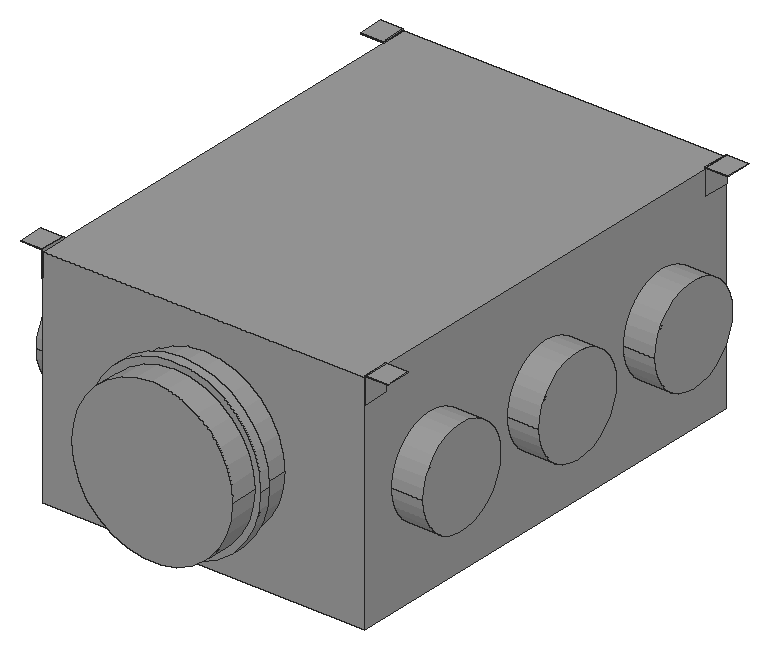
Revit family "FASU(F6-150 250Φ)", category ダクト付属品, Revit 2020
Family settings
  丸型コネクタ寸法 = 直径を使用
  パーツ タイプ = ダンパー
  OmniClass 番号 = 23.75.00.00
  OmniClass タイトル = Climate Control (HVAC)
  作業面ベース = いいえ
  常に垂直 = はい
  ロード時にボイドで切り取り = いいえ
  共有 = いいえ
Parameters
  高さ = 350 mm
  風量 = 0.0 L/s
  符号 = "FASU"
  形式 = "F6-150 250φ"
  幅 [instance] = 500 mm
  奥行き = 700 mm
  大きさ = 250 mm
  呼称 = "FASUチャンバー"
  付属品_下端レベル [instance] = 0 mm
  マテリアル [instance] = 既定値
  ダクト_イン = 300 mm
  ダクト_アウト = 150 mm
  既定の高さ = 0 mm
Reference planes
  plane 1 "中心(正面/背面)": y = 0
  plane 2: z = 0
  plane 3 "中心(左/右)": x = 0
  plane 4: x = -250
  plane 5: x = 250
  plane 6: y = -700
  plane 7: z = 350
  plane 8: z = 175
  plane 9: z = 266.963
  plane 10: z = 86.159
  plane 11: x = -251
  plane 12: z = 313.122
  plane 13: z = 352.122
  plane 14: y = -350
Forms (mm)
  Extrusion 1, solid, material "既定値" <- "マテリアル"
    sketch origin (0, 0, 0) x (1, 0, 0) y (0, 1, 0)
      loop
        line (-250, 0) -> (-250, -700) -> (250, -700) -> (250, 0) -> (-250, 0)
    from 0 to 350
  Extrusion 2, solid, material "既定値" <- "マテリアル"
    sketch origin (0, -30, 0) x (1, 0, 0) y (0, 1, 0)
      loop
        line (-250, 30) -> (-251, 30) -> (-251, -10) -> (-250, -10) -> (-250, 30)
    from 313.122 to 350
  Extrusion 3, solid, material "既定値" <- "マテリアル"
    sketch origin (0, -30, 0) x (1, 0, 0) y (0, 1, 0)
      loop
        line (-285, 30) -> (-285, -10) -> (-251, -10) -> (-251, 30) -> (-285, 30)
    from 352.122 to 350
  Extrusion 4, solid, material "既定値" <- "マテリアル"
    sketch origin (0, -30, 0) x (-1, 0, 0) y (0, -1, 0)
      loop
        line (-250, -30) -> (-250, 10) -> (-251, 10) -> (-251, -30) -> (-250, -30)
    from 313.122 to 353.122
  Extrusion 5, solid, material "既定値" <- "マテリアル"
    sketch origin (0, -30, 0) x (-1, 0, 0) y (0, -1, 0)
      loop
        line (-285, -30) -> (-251, -30) -> (-251, 10) -> (-285, 10) -> (-285, -30)
    from 352.122 to 353.122
  Extrusion 6, solid, material "既定値" <- "マテリアル"
    sketch origin (0, -490, 0) x (1, 0, 0) y (0, 1, 0)
      loop
        line (-285, -170) -> (-285, -210) -> (-251, -210) -> (-251, -170) -> (-285, -170)
    from 352.122 to 353.122
  Extrusion 7, solid, material "既定値" <- "マテリアル"
    sketch origin (0, -490, 0) x (1, 0, 0) y (0, 1, 0)
      loop
        line (-250, -170) -> (-251, -170) -> (-251, -210) -> (-250, -210) -> (-250, -170)
    from 313.122 to 353.122
  Extrusion 8, solid, material "既定値" <- "マテリアル"
    sketch origin (0, -490, 0) x (-1, 0, 0) y (0, -1, 0)
      loop
        line (-285, 170) -> (-251, 170) -> (-251, 210) -> (-285, 210) -> (-285, 170)
    from 352.122 to 353.122
  Extrusion 9, solid, material "既定値" <- "マテリアル"
    sketch origin (0, -490, 0) x (-1, 0, 0) y (0, -1, 0)
      loop
        line (-250, 170) -> (-250, 210) -> (-251, 210) -> (-251, 170) -> (-250, 170)
    from 313.122 to 353.122
  Extrusion 10, solid, material "既定値" <- "マテリアル"
    sketch origin (550, -582.5, 0) x (0, -1, 0) y (0, 0, -1)
      loop
        circle (-232.5, -175) r 74.985
    from -300 to -250
  Extrusion 11, solid, material "既定値" <- "マテリアル"
    sketch origin (-550, -582.5, 0) x (0, -1, 0) y (0, 0, 1)
      loop
        circle (-232.5, 175) r 74.985
    from -300 to -250
  Extrusion 12, solid, material "既定値" <- "マテリアル"
    sketch origin (550, -357.5, 0) x (0, -1, 0) y (0, 0, -1)
      loop
        circle (-232.5, -175) r 74.985
    from -300 to -250
  Extrusion 13, solid, material "既定値" <- "マテリアル"
    sketch origin (-550, -357.5, 0) x (0, -1, 0) y (0, 0, 1)
      loop
        circle (-232.5, 175) r 74.985
    from -300 to -250
  Extrusion 14, solid, material "既定値" <- "マテリアル"
    sketch origin (550, -142.5, 0) x (0, 1, 0) y (0, 0, 1)
      loop
        circle (-432.5, 175) r 74.985
    from -300 to -250
  Extrusion 15, solid, material "既定値" <- "マテリアル"
    sketch origin (0, -142.5, 0) x (0, 1, 0) y (0, 0, 1)
      loop
        circle (-432.5, 175) r 74.985
    from -300 to -250
  Extrusion 16, solid, material "既定値" <- "マテリアル"
    sketch origin (0, -230, 0) x (1, 0, 0) y (0, 0, 1)
      loop
        circle (0, 175) r 125
    from 470 to 512.5
  Extrusion 17, solid, material "既定値" <- "マテリアル"
    sketch origin (0, -230, 0) x (1, 0, 0) y (0, 0, 1)
      loop
        circle (0, 175) r 135
    from 512.5 to 527.5
  Extrusion 18, solid, material "既定値" <- "マテリアル"
    sketch origin (0, -317.5, 0) x (1, 0, 0) y (0, 0, 1)
      loop
        circle (0, 175) r 125
    from 440 to 482.5
Lines and regions (mm)
  model lines
    curve 1: line (-250, -30, 0) -> (250, -30, 0)
    curve 2: line (-250, -670, 0) -> (250, -670, 0)
Text (mm)
  text "FASU(F6-150 250Φ)" at (3.713, -630.412, 0), in view "参照レベル"
Dimensions and locks
  equal spacing: plane 4, plane 3 "中心(左/右)", plane 5
  "幅": plane 4 to plane 5
  "奥行き": plane 6 to plane 1 "中心(正面/背面)"
  "高さ": plane 7 to level
  equal spacing: plane 7, plane 8, level
  equal spacing: plane 6, plane 14, plane 1 "中心(正面/背面)"
  aligned and locked: level to plane 2
  aligned and locked: Extrusion 1 sketch curve to plane 5
  aligned and locked: plane 7 to Extrusion 1
  aligned and locked: Extrusion 2 sketch curve to Extrusion 1
  aligned and locked: plane 7 to Extrusion 2
  aligned and locked: Extrusion 3 sketch curve to Extrusion 2
  aligned and locked: Extrusion 2 to Extrusion 3 sketch curve
  aligned and locked: plane 7 to Extrusion 3
  aligned and locked: Extrusion 3 to plane 13
  aligned and locked: Extrusion 4 to Extrusion 5 sketch curve
  aligned and locked: Extrusion 5 sketch curve to Extrusion 4
  aligned and locked: Extrusion 1 to Extrusion 8
  aligned and locked: Extrusion 6 to Extrusion 1
  aligned and locked: Extrusion 7 to Extrusion 1
  aligned and locked: Extrusion 1 to Extrusion 9
  aligned and locked: Extrusion 9 to Extrusion 8
  aligned and locked: Extrusion 7 to Extrusion 6
  aligned and locked: plane 4 to Extrusion 7
  aligned and locked: Extrusion 9 to plane 5
  aligned and locked: plane 4 to curve 1
  aligned and locked: plane 5 to curve 1
  aligned and locked: plane 5 to curve 2
  aligned and locked: Extrusion 1 to Extrusion 3
  aligned and locked: Extrusion 5 to Extrusion 1
  aligned and locked: Extrusion 4 to plane 5
  aligned and locked: Extrusion 1 to plane 6
  aligned and locked: Extrusion 1 to plane 1 "中心(正面/背面)"
  aligned and locked: Extrusion 12 to plane 5
  aligned and locked: plane 4 to Extrusion 13
  aligned and locked: Extrusion 14 to plane 5
  aligned and locked: plane 4 to Extrusion 15
  aligned and locked: Extrusion 17 to Extrusion 18
  aligned and locked: Extrusion 17 to Extrusion 16
Automatic sketch dimensions
  Extrusion 10 sketch curve to plane 8 = 0 mm
  Extrusion 10 sketch curve to plane 14 = 0 mm
  Extrusion 11 sketch curve to plane 8 = 0 mm
  Extrusion 11 sketch curve to plane 14 = 0 mm
  curve 2 to plane 4 = 0 mm
  plane 6 to curve 2 = 30 mm
  plane 1 "中心(正面/背面)" to curve 1 = 30 mm
  Extrusion 1 sketch curve to plane 4 = 0 mm
  Extrusion 1 sketch curve to plane 6 = 0 mm
  plane 1 "中心(正面/背面)" to Extrusion 1 sketch curve = 0 mm
  plane 1 "中心(正面/背面)" to Extrusion 2 sketch curve = 0 mm
  Extrusion 2 sketch curve to plane 11 = 0 mm
  Extrusion 2 sketch curve to Extrusion 2 sketch curve = 40 mm
  plane 1 "中心(正面/背面)" to Extrusion 3 sketch curve = 0 mm
  Extrusion 3 sketch curve to Extrusion 3 sketch curve = 34 mm
  plane 1 "中心(正面/背面)" to Extrusion 4 sketch curve = 0 mm
  Extrusion 4 sketch curve to plane 5 = 0 mm
  Extrusion 4 sketch curve to Extrusion 4 sketch curve = 1 mm
  Extrusion 4 sketch curve to Extrusion 4 sketch curve = 40 mm
  plane 1 "中心(正面/背面)" to Extrusion 5 sketch curve = 0 mm
  Extrusion 5 sketch curve to Extrusion 5 sketch curve = 34 mm
  Extrusion 6 sketch curve to plane 6 = 0 mm
  Extrusion 6 sketch curve to plane 11 = 0 mm
  Extrusion 6 sketch curve to plane 11 = 34 mm
  plane 6 to Extrusion 6 sketch curve = 40 mm
  Extrusion 7 sketch curve to plane 11 = 0 mm
  Extrusion 7 sketch curve to plane 4 = 0 mm
  Extrusion 7 sketch curve to plane 6 = 0 mm
  plane 6 to Extrusion 7 sketch curve = 40 mm
  Extrusion 8 sketch curve to plane 6 = 0 mm
  Extrusion 8 sketch curve to plane 5 = 35 mm
  Extrusion 8 sketch curve to plane 5 = 1 mm
  Extrusion 8 sketch curve to Extrusion 8 sketch curve = 40 mm
  Extrusion 9 sketch curve to plane 6 = 0 mm
  Extrusion 9 sketch curve to plane 5 = 0 mm
  Extrusion 9 sketch curve to Extrusion 9 sketch curve = 1 mm
  Extrusion 9 sketch curve to Extrusion 9 sketch curve = 40 mm
  Extrusion 12 sketch curve to plane 8 = 0 mm
  plane 1 "中心(正面/背面)" to Extrusion 12 sketch curve = 125 mm
  Extrusion 13 sketch curve to plane 8 = 0 mm
  plane 1 "中心(正面/背面)" to Extrusion 13 sketch curve = 125 mm
  Extrusion 14 sketch curve to plane 8 = 0 mm
  plane 6 to Extrusion 14 sketch curve = 125 mm
  Extrusion 15 sketch curve to plane 8 = 0 mm
  plane 6 to Extrusion 15 sketch curve = 125 mm
  Extrusion 16 sketch curve to plane 8 = 0 mm
  Extrusion 17 sketch curve to plane 8 = 0 mm
  Extrusion 18 sketch curve to plane 8 = 0 mm
  plane 11 to Extrusion 16 sketch curve = 251 mm
  plane 11 to Extrusion 17 sketch curve = 251 mm
  plane 11 to Extrusion 18 sketch curve = 251 mm
  radius of Extrusion 10 sketch curve = 74.985 mm
  radius of Extrusion 11 sketch curve = 74.985 mm
  radius of Extrusion 12 sketch curve = 74.985 mm
  radius of Extrusion 13 sketch curve = 74.985 mm
  radius of Extrusion 14 sketch curve = 74.985 mm
  radius of Extrusion 15 sketch curve = 74.985 mm
  radius of Extrusion 16 sketch curve = 125 mm
  radius of Extrusion 17 sketch curve = 135 mm
  radius of Extrusion 18 sketch curve = 125 mm
Connectors
  hvac at (-300, -575, 175), driven by "ダクト_アウト"
    settings: on Extrusion 15, index 1, duct flow 0.0 L/s, flow factor 0, pres drop 0.0 Pa, loss coef 0, conn angle 0.00°, conn width 304.8 mm, conn height 304.8 mm, conn diameter 150 mm, duct sys type 29, conn prof type 0, flow config 0, flow direction 2, loss method 0, conn ref index -1, conn util no, is conn primary yes, conn desc ""
  hvac at (-300, -350, 175), driven by "ダクト_アウト"
    settings: on Extrusion 11, index 2, duct flow 0.0 L/s, flow factor 0, pres drop 0.0 Pa, loss coef 0, conn angle 0.00°, conn width 304.8 mm, conn height 304.8 mm, conn diameter 150 mm, duct sys type 29, conn prof type 0, flow config 0, flow direction 2, loss method 0, conn ref index -1, conn util no, is conn primary no, conn desc ""
  hvac at (-300, -125, 175), driven by "ダクト_アウト"
    settings: on Extrusion 13, index 3, duct flow 0.0 L/s, flow factor 0, pres drop 0.0 Pa, loss coef 0, conn angle 0.00°, conn width 304.8 mm, conn height 304.8 mm, conn diameter 150 mm, duct sys type 29, conn prof type 0, flow config 0, flow direction 2, loss method 0, conn ref index -1, conn util no, is conn primary no, conn desc ""
  hvac at (300, -575, 175), driven by "ダクト_アウト"
    settings: on Extrusion 14, index 4, duct flow 0.0 L/s, flow factor 0, pres drop 0.0 Pa, loss coef 0, conn angle 0.00°, conn width 304.8 mm, conn height 304.8 mm, conn diameter 150 mm, duct sys type 29, conn prof type 0, flow config 0, flow direction 2, loss method 0, conn ref index -1, conn util no, is conn primary no, conn desc ""
  hvac at (300, -350, 175), driven by "ダクト_アウト"
    settings: on Extrusion 10, index 5, duct flow 0.0 L/s, flow factor 0, pres drop 0.0 Pa, loss coef 0, conn angle 0.00°, conn width 304.8 mm, conn height 304.8 mm, conn diameter 150 mm, duct sys type 29, conn prof type 0, flow config 0, flow direction 2, loss method 0, conn ref index -1, conn util no, is conn primary no, conn desc ""
  hvac at (300, -125, 175), driven by "ダクト_アウト"
    settings: on Extrusion 12, index 6, duct flow 0.0 L/s, flow factor 0, pres drop 0.0 Pa, loss coef 0, conn angle 0.00°, conn width 304.8 mm, conn height 304.8 mm, conn diameter 150 mm, duct sys type 29, conn prof type 0, flow config 0, flow direction 2, loss method 0, conn ref index -1, conn util no, is conn primary no, conn desc ""
  hvac at (0, -800, 175)
    settings: on Extrusion 18, index 7, duct flow 0.0 L/s, flow factor 0, pres drop 0.0 Pa, loss coef 0, conn angle 0.00°, conn width 304.8 mm, conn height 304.8 mm, conn diameter 250 mm, duct sys type 29, conn prof type 0, flow config 0, flow direction 1, loss method 0, conn ref index -1, conn util no, is conn primary no, conn desc ""
